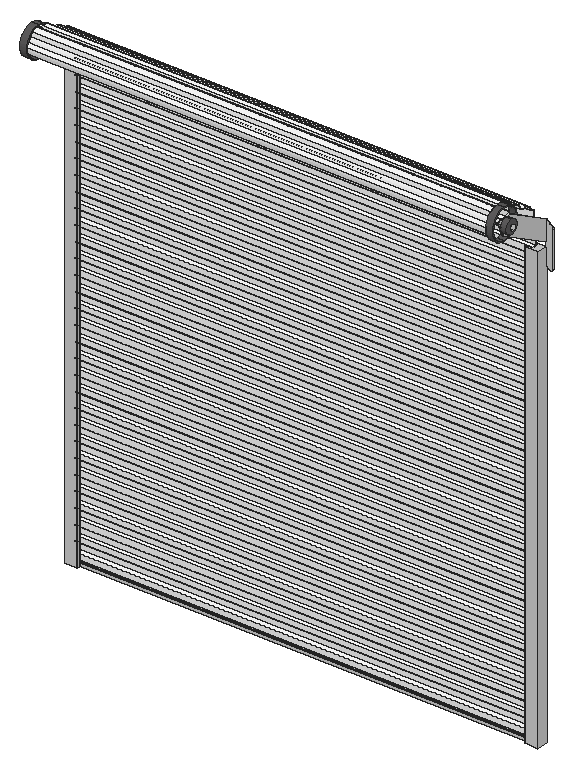
Revit family "Doors_Industrial_Overhead-Door-Corporation_ProStar-Rolling-Steel-Sheet-Doors-770SS_", category Specialty Equipment, host Wall, Revit 2019
Family settings
  Host = Wall
  Round Connector Dimension = Use Diameter
  Part Type = Normal
  OmniClass Number = 23.30.10.21.34
  OmniClass Title = Industrial Doors
  Always vertical = Yes
  Cut with Voids When Loaded = No
  Shared = No
  Room Calculation Point = No
Parameters (values of type "Manual push-up")
  True Opening Width [instance] = Clear Width  # 100"
  True Opening Height [instance] = Clear Height  # 100"
  Slat Height = 3 91/256" * 3  # 10 17/256"
  Product Page URL = "https://www.overheaddoor.com/rolling-steel-sheet-doors-770ss"
  Slat Length [instance] = [Opening Width (Real)] + 1/4" * 2 + 1 77/256" * 2  # 103 13/128"
  Opening Width [instance] = 100"
  Opening Height [instance] = 100"
  Min Opening Width [instance] = 36"  # constant formula
  Min Opening Height [instance] = 84"  # constant formula
  Max Opening Width [instance] = 120"  # constant formula
  Max Opening Height [instance] = 120"  # constant formula
  Headroom Height [instance] = 13"  # constant formula
  Opening Width (Real) [instance] = if(Opening Width < Min Opening Width, Min Opening Width, if(Opening Width > Max Opening Width, Max Opening Width, Opening Width))  # 100"
  Opening Height (Real) [instance] = if(Opening Height < Min Opening Height, Min Opening Height, if(Opening Height > Max Opening Height, Max Opening Height, Opening Height))  # 100"
  URL = "https://www.overheaddoor.com/"
  Product data url = "https://www.bimobject.com/overhead-door/product/rolling-steel-sheet-doors-770ss"
  Product Guid = "baa10993-ca86-4fcb-93c5-7650eb106bfa"
  Model = "770SS"  # constant formula
  Manufacturer = "Overhead Door Corporation"  # constant formula
  Wall Closure = By host
  Floor To (CL) of Shaft [instance] = [Opening Height (Real)] + 9 149/256"  # 109 149/256"
  Finish Material = Metal - Overhead Door - Galvanized Steel
  Description = "MODEL 770SS SELF-STORAGE ROLLING SHEET DOOR"  # constant formula
  Curtain Material [instance] = Steel - Overhead Door - White
  Connection Offset [instance] = [Floor To (CL) of Shaft] - Array Length - 1 3/16" + 1/256"  # 7 47/64"
  Clear Width [instance] = [Opening Width (Real)]  # 100"
  Clear Height [instance] = [Opening Height (Real)]  # 100"
  Backroom Depth [instance] = 15"  # constant formula
  Array Length [instance] = (Array) * Slat Height  # 100 85/128"
  Array [instance] = rounddown(([Opening Height (Real)] - 1 3/16" + 7 113/256") / Slat Height)  # 10
Reference planes (in)
  plane 1 "Center (Front/Back)": y = 0
  plane 2 "Center (Left/Right)": x = 0
  plane 3 "Left": x = -50
  plane 4 "Right": x = 50
  plane 5 "Exterior": y = 1.5
  plane 6 "Interior": y = -4.5
  plane 7: x = 50
  plane 8: x = -50
  plane 9: z = 100
  plane 10 "Top": z = 113
  plane 11 "Main": y = -5.75
  plane 12: y = -19.5
  plane 13 "Main Door Block": y = -4.5
  plane 14: z = 47.47
  plane 15 "Bottom Bar": z = 1.1875
  plane 16: x = 52.5
  plane 17: x = -52.5
  plane 18: y = -5.253
  plane 19: y = -6.048
  plane 20: z = 101.85156
  plane 21: z = 109.58203
  plane 22: z = 11.25391
Lines and regions (in)
  Opening 1
    outline origin (-90, -4.5, 0) x (1, 0, 0) y (0, 0, 1)
      loop
        line (40, 0) -> (140, 0) -> (140, 100) -> (40, 100) -> (40, 0)
Text (in)
  text "Exterior" at (-74.96733, 27.31104, 0), in view "Ref. Level"
  text "Interior" at (-74.96733, -25.14366, 0), in view "Ref. Level"
  text "Exterior" at (0, 40.15149, 123.01588), in view "Right"
  text "Interior" at (0, -64.39139, 123.01588), in view "Right"
  text "Interior" at (0, -31.01599, 123.00693), in view "Left"
  text "Exterior" at (0, 54.57065, 123.00693), in view "Left"
Dimensions and locks (in)
  equal spacing: plane 3 "Left", plane 2 "Center (Left/Right)", plane 4 "Right"
  level to host wall = 459.59655"
  "Opening Height (Real)": level to plane 9
  plane 8 to plane 2 "Center (Left/Right)" to plane 7 = 50", 50"
  "Headroom Height": plane 9 to plane 10 "Top"
  locked: plane 13 "Main Door Block" to plane 11 "Main" at 1.25
  locked: plane 1 "Center (Front/Back)" to plane 6 "Interior" at 4.5
  locked: plane 8 to plane 17 at 2.5
  locked: plane 16 to plane 7 at 2.5
  locked: plane 5 "Exterior" to plane 1 "Center (Front/Back)" at 1.5
  equal spacing: plane 7, plane 2 "Center (Left/Right)", plane 8
  locked: plane 18 to plane 11 "Main" at 0.497
  "Opening Width (Real)": plane 7 to plane 8
  "Backroom Depth": plane 12 to plane 6 "Interior"
  locked: plane 11 "Main" to plane 19 at 0.298
  plane 19 to plane 11 "Main" = 0.298"
  locked: plane 15 "Bottom Bar" to level at 1.1875
  "Array Length": plane 20 to plane 15 "Bottom Bar"
  nested 1 to nested 1 = 0.937"
  "Floor To (CL) of Shaft": plane 21 to level
  locked: plane 12 to nested 3 at 3.418
  "Slat Height": plane 22 to plane 15 "Bottom Bar"
  equal spacing: group 1, group 2, group 3, group 4, group 5, group 6, group 7, group 8, group 9, group 10  (x3)
  aligned and locked: Opening 1 sketch curve to level
  aligned and locked: plane 5 "Exterior" to host wall
  aligned and locked: host wall to plane 6 "Interior"
  aligned and locked: plane 8 to Opening 1 sketch curve
  aligned and locked: plane 7 to Opening 1 sketch curve
  aligned and locked: Opening 1 sketch curve to plane 9
  aligned and locked: nested 1 to plane 6 "Interior"
  aligned and locked: nested 1 to plane 2 "Center (Left/Right)"
  aligned and locked: level to nested 1
  aligned and locked: plane 13 "Main Door Block" to plane 6 "Interior"
  aligned and locked: plane 21 to nested 3
  aligned and locked: plane 2 "Center (Left/Right)" to nested 3
  aligned and locked: plane 15 "Bottom Bar" to nested 2
  aligned and locked: plane 22 to nested 4
  aligned and locked: plane 19 to nested 2
  aligned and locked: plane 19 to nested 4
  aligned and locked: plane 2 "Center (Left/Right)" to nested 2
  aligned and locked: plane 2 "Center (Left/Right)" to nested 4
Nested families (in)
  nested 1: "Lifts" at (0, -4.5, 0) x (-1, 0, 0) z (0, 0, 1), Floor To (CL) of Shaft <- "Floor To (CL) of Shaft", type "Frame Unit"
    with Floor To (CL) of Shaft 109 149/256"
  nested 2: "Slat" at (0, -6.048, 1.1875), type "Slat"
  nested 3: "Top Slat" at (0, -16.082, 109.58203), type "Top Slat"
  nested 4: "Slat" at (0, -6.048, 11.25391), type "Slat"
  nested 5: "Slat" at (0, -6.048, 21.32031), type "Slat"
  nested 6: "Slat" at (0, -6.048, 31.38672), type "Slat"
  nested 7: "Slat" at (0, -6.048, 41.45313), type "Slat"
  nested 8: "Slat" at (0, -6.048, 51.51953), type "Slat"
  nested 9: "Slat" at (0, -6.048, 61.58594), type "Slat"
  nested 10: "Slat" at (0, -6.048, 71.65234), type "Slat"
  nested 11: "Slat" at (0, -6.048, 81.71875), type "Slat"
  nested 12: "Slat" at (0, -6.048, 91.78516), type "Slat"
Definition of nested family "Lifts"
  Parameters (values of type "Frame Unit")
    Steel Support Outter Radius = 2.82"  # constant formula
    Steel Support Inner Radius = 2 3/4"  # constant formula
    Shaft Radius = 0.563"  # constant formula
    Shaft Material = none
    Setback = 1/4"  # constant formula
    Right Shaft Offset = 5"
    Resin Stopper Radius = 1 1/2"  # constant formula
    Resin Muft Outter Diameter = 3.417"  # constant formula
    Resin Muft Inner Diameter = 3.347"  # constant formula
    Resin Elements Material = none
    Opening Width = 100"
    Left Shaft Offset = 5"
    J Offset = 11.582"  # constant formula
    Headroom Height = 13"
    Header Width = 15"
    Guide Width R Real = Guid Width + Setback  # 3 1/4"
    Guide Width L Real = Guid Width + Setback  # 3 1/4"
    Guid Width = 3"
    Opening Height = 100"
    Floor To (CL) of Shaft [instance] = 107.54"
    Finish Material = none
    Analytic Construction = "<None>"
  Reference planes (in)
    plane 1 "Center (Front/Back)": y = 0
    plane 2: z = 0
    plane 3 "Center (Left/Right)": x = 0
    plane 4 "Left": x = -50
    plane 5 "Right": x = 50
    plane 6 "Opening Height": z = 100
    plane 7: x = -55
    plane 8: x = 55
    plane 9: z = 113
    plane 10: y = 15
    plane 11: x = -25
    plane 12: x = 25
    plane 13: z = 107.54
    plane 14: y = 11.582
    plane 15: x = -51.55
    plane 16: x = 51.55
    plane 17: x = 53.25
    plane 18: x = -53.25
  Forms (in)
    Extrusion 1, solid, material <- "Finish Material"
      sketch origin (0, 0, 0) x (1, 0, 0) y (0, 1, 0)
        loop
          line (-53.25, 0) -> (-50.375, 0)
          arc (-50.375, 0) -> (-50.28661, 0.03661) -> (-50.25, 0.125) r 0.125
          line (-50.25, 0.125) -> (-50.25, 0.625)
          arc (-50.25, 0.625) -> (-50.26831, 0.66919) -> (-50.3125, 0.6875) r 0.0625
          line (-50.3125, 0.6875) -> (-51.55, 0.6875) -> (-51.55, 1.78125) -> (-50.325, 1.78125)
          arc (-50.325, 1.78125) -> (-50.27197, 1.80322) -> (-50.25, 1.85625) r 0.075
          line (-50.25, 1.85625) -> (-50.25, 2.21875)
          arc (-50.25, 2.21875) -> (-50.28661, 2.30714) -> (-50.375, 2.34375) r 0.125
          line (-50.375, 2.34375) -> (-53.25, 2.34375) -> (-53.25, 0)
        loop
          line (53.25, 0) -> (53.25, 2.34375) -> (50.3625, 2.34375)
          arc (50.3625, 2.34375) -> (50.28295, 2.3108) -> (50.25, 2.23125) r 0.1125
          line (50.25, 2.23125) -> (50.25, 1.85625)
          arc (50.25, 1.85625) -> (50.27197, 1.80322) -> (50.325, 1.78125) r 0.075
          line (50.325, 1.78125) -> (51.55, 1.78125) -> (51.55, 0.6875) -> (50.3125, 0.6875)
          arc (50.3125, 0.6875) -> (50.26831, 0.66919) -> (50.25, 0.625) r 0.0625
          line (50.25, 0.625) -> (50.25, 0.125)
          arc (50.25, 0.125) -> (50.28661, 0.03661) -> (50.375, 0) r 0.125
          line (50.375, 0) -> (53.25, 0)
      from 100 to 0
    Extrusion 2, solid, material <- "Finish Material"
      sketch origin (0, 0, 0) x (0, 1, 0) y (0, 0, 1)
        loop
          line (2.0625, 1) -> (2.0625, 1.1875) -> (1.45087, 1.1875) -> (1.45087, 2.125) -> (-0.15187, 2.125) -> (-0.3125, 1.96437) -> (-0.3125, 1.34813) -> (-0.15187, 1.1875) -> (0, 1.1875) -> (0, 1) -> (2.0625, 1)
      from -51.55 to 51.55
    Extrusion 3, solid, material <- "Finish Material"
      sketch origin (0, 0, 0) x (0, 1, 0) y (0, 0, 1)
        loop
          line (0.73437, 1) -> (0.73437, 0) -> (1.73437, 0) -> (1.73437, 1) -> (0.73437, 1)
      from -51.55 to 51.55
    Extrusion 4, solid, material <- "Shaft Material"
      sketch origin (0, 0, 0) x (0, 1, 0) y (0, 0, 1)
        loop
          circle (11.582, 107.54) r 0.563
      from -55 to 55
    Extrusion 5, solid, material <- "Finish Material"
      sketch origin (-53.25, 0, 100) x (0, 0, 1) y (-1, 0, 0)
        loop
          line (-3.60557, -106.5) -> (-4.29837, -107.29697)
          arc (-4.29837, -107.29697) -> (-4.37599, -107.83235) -> (-3.92101, -108.125) r 0.5
          line (-3.92101, -108.125) -> (4.09522, -108.125)
          arc (4.09522, -108.125) -> (4.31048, -108.07629) -> (4.4838, -107.93966) r 0.5
          line (4.4838, -107.93966) -> (5.54434, -106.63) -> (5.54434, -106.5) -> (-3.60557, -106.5)
        loop
          line (-3.60557, 0) -> (5.54434, 0) -> (5.54434, 0.13) -> (4.4838, 1.43966)
          arc (4.4838, 1.43966) -> (4.31048, 1.57629) -> (4.09522, 1.625) r 0.5
          line (4.09522, 1.625) -> (-3.92101, 1.625)
          arc (-3.92101, 1.625) -> (-4.37599, 1.33235) -> (-4.29837, 0.79697) r 0.5
          line (-4.29837, 0.79697) -> (-3.60557, 0)
      from 0 to -0.13
    Extrusion 6, solid, material <- "Finish Material"
      sketch origin (-53.25, 0, 100) x (0, 0, 1) y (0, -1, 0)
        loop
          line (11.28691, -10.43366) -> (5.56096, 0) -> (0.89273, 0) -> (7.69922, -12.40258) -> (10.6357, -13.50019) -> (11.28691, -10.43366)
      from 0 to 0.13
    Extrusion 7, solid, material <- "Finish Material"
      sketch origin (53.25, 0, 100) x (0, 0, 1) y (0, -1, 0)
        loop
          line (11.28691, -10.43366) -> (5.56096, 0) -> (0.89273, 0) -> (7.69922, -12.40258) -> (10.6357, -13.50019) -> (11.28691, -10.43366)
      from 0 to -0.13
    Extrusion 8, solid, material <- "Resin Elements Material"
      sketch origin (-53.25, 0, 100) x (0, 0, 1) y (0, -1, 0)
        loop
          circle (7.54, -11.582) r 1.5
      from -1.375 to 0
    Extrusion 9, solid, material <- "Resin Elements Material"
      sketch origin (53.25, 0, 100) x (0, 0, 1) y (0, -1, 0)
        loop
          circle (7.54, -11.582) r 1.5
      from 0.937 to 0
    Extrusion 10, void
      sketch origin (0, 0, 0) x (1, 0, 0) y (0, 1, 0)
        loop
          line (50, -0.3125) -> (51.55, -0.3125) -> (51.55, 0.125) -> (50, 0.125) -> (50, -0.3125)
        loop
          line (-50, -0.3125) -> (-50, 0.125) -> (-51.55, 0.125) -> (-51.55, -0.3125) -> (-50, -0.3125)
      from 0 to 2.125
    Extrusion 11, solid, material <- "Resin Elements Material"
      sketch origin (53.25, 0, 100) x (0, 0, 1) y (0, -1, 0)
        loop
          circle (7.54, -11.582) r 3.417
        loop
          circle (7.54, -11.582) r 3.347
      from -1.7 to -0.13
    Extrusion 12, solid, material <- "Resin Elements Material"
      sketch origin (-53.25, 0, 100) x (0, 0, 1) y (0, -1, 0)
        loop
          circle (7.54, -11.582) r 3.417
        loop
          circle (7.54, -11.582) r 3.347
      from 1.7 to 0.13
    Extrusion 13, solid, material <- "Shaft Material"
      sketch origin (25, -180, 76.25522) x (0, 0, 1) y (0, -1, 0)
        loop
          line (31.28478, -188.832) -> (31.28478, -188.762)
          arc (31.28478, -188.762) -> (28.46478, -191.582) -> (31.28478, -194.402) r 2.82
          line (31.28478, -194.402) -> (31.28478, -194.332)
          arc (31.28478, -194.332) -> (28.53478, -191.582) -> (31.28478, -188.832) r 2.75
      from -0.753 to 0.753
    Extrusion 14, solid, material <- "Shaft Material"
      sketch origin (0, 0, 0) x (0, 1, 0) y (0, 0, 1)
        loop
          line (8.832, 107.54) -> (8.762, 107.54)
          arc (8.762, 107.54) -> (11.582, 104.72) -> (14.402, 107.54) r 2.82
          line (14.402, 107.54) -> (14.332, 107.54)
          arc (14.332, 107.54) -> (11.582, 104.79) -> (8.832, 107.54) r 2.75
      from -0.753 to 0.753
    Extrusion 15, solid, material <- "Shaft Material"
      sketch origin (-25, -180, -24) x (0, 0, -1) y (0, -1, 0)
        loop
          arc (-131.54, -188.832) -> (-128.79, -191.582) -> (-131.54, -194.332) r 2.75
          line (-131.54, -194.332) -> (-131.54, -194.402)
          arc (-131.54, -194.402) -> (-128.72, -191.582) -> (-131.54, -188.762) r 2.82
          line (-131.54, -188.762) -> (-131.54, -188.832)
      from -0.753 to 0.753
  Cuts and joins
    joined: Extrusion 5, Extrusion 6, Extrusion 7
    Extrusion 10 cuts Extrusion 2
  Lines and regions (in)
    Masking region 1
      outline origin (0, 0, 0) x (1, 0, 0) y (0, 1, 0)
        loop
          line (-54.625, 13.082) -> (-54.625, 10.082) -> (-53.25, 10.082) -> (-53.25, 13.082) -> (-54.625, 13.082)
        loop
          line (-51.55, 8.165) -> (-51.55, 14.999) -> (-53.12, 14.999) -> (-53.12, 8.165) -> (-51.55, 8.165)
        loop
          line (51.55, 14.999) -> (51.55, 8.165) -> (53.12, 8.165) -> (53.12, 14.999) -> (51.55, 14.999)
        loop
          line (54.187, 10.082) -> (54.187, 13.082) -> (53.25, 13.082) -> (53.25, 10.082) -> (54.187, 10.082)
    Masking region 2
      outline origin (0, 0, 0) x (1, 0, 0) y (0, 1, 0)
        loop
          line (-53.25, 13.50019) -> (-53.25, 0.13) -> (-54.875, 0.13) -> (-54.875, 0) -> (-53.12, 0) -> (-53.12, 13.50019) -> (-53.25, 13.50019)
        loop
          line (53.25, 0.13) -> (53.25, 13.50019) -> (53.12, 13.50019) -> (53.12, 0) -> (54.875, 0) -> (54.875, 0.13) -> (53.25, 0.13)
        loop
          line (-55, 12.145) -> (-55, 11.019) -> (-54.625, 11.019) -> (-54.625, 12.145) -> (-55, 12.145)
        loop
          line (55, 11.019) -> (55, 12.145) -> (54.187, 12.145) -> (54.187, 11.019) -> (55, 11.019)
    Masking region 3
      outline origin (0, 0, 0) x (1, 0, 0) y (0, 1, 0)
        loop
          line (-51.55, 2.34375) -> (-53.25, 2.34375) -> (-53.25, 0) -> (-51.55, 0) -> (-51.55, 2.34375)
        loop
          line (51.55, 2.34375) -> (51.55, 0) -> (53.25, 0) -> (53.25, 2.34375) -> (51.55, 2.34375)
    reference lines
      curve 1: line (53.25, 0, 100) -> (53.25, 0, 109.583)
      curve 2: line (-53.25, 0, 100) -> (-53.25, 0, 109.583)
  Dimensions and locks (in)
    equal spacing: plane 4 "Left", plane 3 "Center (Left/Right)", plane 5 "Right"
    "Opening Width": plane 4 "Left" to plane 5 "Right"
    "Opening Height": plane 6 "Opening Height" to level
    "Guide Width L Real": Extrusion 1 sketch curve to plane 4 "Left"
    locked: Extrusion 1 sketch curve to Extrusion 1 sketch curve at 2.34375
    "Headroom Height": plane 9 to plane 6 "Opening Height"
    plane 10 to plane 1 "Center (Front/Back)" = 15"
    "Header Width": plane 10 to plane 1 "Center (Front/Back)"
    locked: Extrusion 1 sketch curve to Extrusion 1 sketch curve at 0.5625
    locked: Extrusion 1 sketch curve to Extrusion 1 sketch curve at 0.6875
    locked: Extrusion 3 sketch curve to level at 1
    locked: Extrusion 2 sketch curve to level at 2.125
    locked: Extrusion 2 sketch curve to level at 1.1875
    locked: Extrusion 2 sketch curve to Extrusion 2 sketch curve at 1.125
    locked: Extrusion 2 sketch curve to Extrusion 2 sketch curve at 0.16063  (x2)
    locked: Extrusion 10 sketch curve to plane 1 "Center (Front/Back)" at 0.3125  (x2)
    locked: plane 1 "Center (Front/Back)" to Extrusion 10 sketch curve at 0.125
    equal spacing: plane 4 "Left", plane 11, plane 3 "Center (Left/Right)"
    equal spacing: plane 5 "Right", plane 12, plane 3 "Center (Left/Right)"
    "Floor To (CL) of Shaft": plane 13 to plane 2
    "J Offset": plane 14 to plane 1 "Center (Front/Back)"
    locked: curve 1 to curve 1 at 9.583
    locked: curve 2 to curve 2 at 9.583
    "Setback": Extrusion 1 sketch curve to plane 4 "Left"
    locked: Extrusion 1 sketch curve to Extrusion 1 sketch curve at 1.3  (x2)
    "Setback": plane 5 "Right" to Extrusion 1 sketch curve
    "Guide Width R Real": plane 5 "Right" to Extrusion 1 sketch curve
    locked: plane 15 to plane 4 "Left" at 1.55
    locked: plane 5 "Right" to plane 16 at 1.55
    "Guide Width R Real": plane 5 "Right" to plane 17
    "Guide Width L Real": plane 18 to plane 4 "Left"
    "Left Shaft Offset": plane 7 to plane 4 "Left"
    "Right Shaft Offset": plane 5 "Right" to plane 8
    equal spacing: Masking region 1 sketch curve, plane 14, Masking region 1 sketch curve  (x2)
    "Resin Stopper Radius": plane 14 to Masking region 1 sketch curve
    "Resin Muft Outter Diameter": Masking region 1 sketch curve to plane 14
    locked: Masking region 2 sketch curve to plane 18 at 1.625
    locked: plane 17 to Masking region 2 sketch curve at 1.625
    equal spacing: Masking region 2 sketch curve, plane 14, Masking region 2 sketch curve  (x2)
    "Shaft Radius": plane 14 to Masking region 2 sketch curve
    "Shaft Radius": Masking region 2 sketch curve to plane 14
    locked: plane 1 "Center (Front/Back)" to Extrusion 3 sketch curve at 0.73437
    locked: Extrusion 3 sketch curve to Extrusion 3 sketch curve at 1
    radius of Extrusion 1 sketch curve = 1/16"  (x2)
    radius of Extrusion 1 sketch curve = 1/8"  (x3)
    radius of Extrusion 1 sketch curve = 0.075"  (x2)
    radius of Extrusion 1 sketch curve = 0.1125"
    "Shaft Radius": radius of Extrusion 4 sketch curve
    radius of Extrusion 5 sketch curve = 1/2"  (x4)
    "Resin Muft Inner Diameter": radius of Extrusion 11 sketch curve
    "Resin Muft Outter Diameter": radius of Extrusion 11 sketch curve
    "Resin Muft Inner Diameter": radius of Extrusion 12 sketch curve
    "Resin Muft Outter Diameter": radius of Extrusion 12 sketch curve
    "Resin Stopper Radius": radius of Extrusion 8 sketch curve
    "Resin Stopper Radius": radius of Extrusion 9 sketch curve
    "Steel Support Inner Radius": radius of Extrusion 13 sketch curve
    "Steel Support Outter Radius": radius of Extrusion 13 sketch curve
    "Steel Support Outter Radius": radius of Extrusion 14 sketch curve
    "Steel Support Inner Radius": radius of Extrusion 14 sketch curve
    "Steel Support Inner Radius": radius of Extrusion 15 sketch curve
    "Steel Support Outter Radius": radius of Extrusion 15 sketch curve
    locked: Extrusion 5 sketch curve to Extrusion 5 sketch curve (angle 129.00°)  (x2)
    locked: Extrusion 5 sketch curve to Extrusion 5 sketch curve (angle 131.00°)
    aligned and locked: plane 2 to level
    aligned and locked: plane 1 "Center (Front/Back)" to Extrusion 1 sketch curve
    aligned and locked: Extrusion 1 sketch curve to plane 1 "Center (Front/Back)"
    aligned and locked: Extrusion 1 sketch curve to Extrusion 1 sketch curve  (x5)
    aligned and locked: plane 7 to Extrusion 4
    aligned and locked: Extrusion 4 to plane 8
    aligned and locked: plane 6 "Opening Height" to Extrusion 1
    aligned and locked: Extrusion 3 sketch curve to level
    aligned and locked: Extrusion 2 sketch curve to Extrusion 2 sketch curve
    aligned and locked: Extrusion 10 sketch curve to plane 5 "Right"
    aligned and locked: Extrusion 10 sketch curve to plane 4 "Left"
    aligned and locked: Extrusion 10 sketch curve to Extrusion 10 sketch curve
    aligned and locked: Extrusion 13 sketch curve to Extrusion 13 sketch curve  (x2)
    aligned and locked: Extrusion 15 sketch curve to Extrusion 15 sketch curve  (x2)
    aligned and locked: Extrusion 14 sketch curve to Extrusion 14 sketch curve  (x2)
    aligned and locked: plane 13 to Extrusion 4 sketch curve
    aligned and locked: plane 14 to Extrusion 4 sketch curve
    aligned and locked: plane 14 to Extrusion 8 sketch curve
    aligned and locked: plane 13 to Extrusion 8 sketch curve
    aligned and locked: plane 14 to Extrusion 9 sketch curve
    aligned and locked: plane 13 to Extrusion 9 sketch curve
    aligned and locked: plane 14 to Extrusion 11 sketch curve  (x2)
    aligned and locked: plane 13 to Extrusion 11 sketch curve  (x2)
    aligned and locked: plane 14 to Extrusion 12 sketch curve  (x2)
    aligned and locked: plane 13 to Extrusion 12 sketch curve
    aligned and locked: plane 14 to Extrusion 13 sketch curve  (x2)
    aligned and locked: plane 13 to Extrusion 13 sketch curve  (x2)
    aligned and locked: plane 14 to Extrusion 14 sketch curve  (x2)
    aligned and locked: plane 13 to Extrusion 14 sketch curve  (x2)
    aligned and locked: plane 14 to Extrusion 15 sketch curve  (x2)
    aligned and locked: plane 13 to Extrusion 15 sketch curve  (x2)
    aligned and locked: plane 6 "Opening Height" to curve 1
    aligned and locked: plane 6 "Opening Height" to curve 2
    aligned and locked: Extrusion 10 sketch curve to plane 15
    aligned and locked: plane 15 to Extrusion 3
    aligned and locked: plane 15 to cut or joined group of Extrusion 2, Extrusion 10
    aligned and locked: Extrusion 3 to plane 16
    aligned and locked: cut or joined group of Extrusion 2, Extrusion 10 to plane 16
    aligned and locked: Extrusion 10 sketch curve to plane 16
    aligned and locked: curve 1 to plane 17
    aligned and locked: Extrusion 5 sketch curve to curve 1
    aligned and locked: curve 2 to plane 18
    aligned and locked: Masking region 1 sketch curve to Extrusion 8  (x2)
    aligned and locked: Extrusion 12 to Masking region 1 sketch curve  (x2)
    aligned and locked: Masking region 1 sketch curve to Extrusion 11  (x2)
    aligned and locked: Masking region 1 sketch curve to Extrusion 9  (x2)
    aligned and locked: Masking region 1 sketch curve to Masking region 1 sketch curve  (x4)
    aligned and locked: Masking region 2 sketch curve to cut or joined group of Extrusion 5, Extrusion 6, Extrusion 7  (x7)
    aligned and locked: cut or joined group of Extrusion 5, Extrusion 6, Extrusion 7 to Masking region 2 sketch curve  (x3)
    aligned and locked: Masking region 2 sketch curve to Extrusion 4
    aligned and locked: Extrusion 8 to Masking region 2 sketch curve
    aligned and locked: Masking region 2 sketch curve to plane 8
    aligned and locked: Extrusion 9 to Masking region 2 sketch curve
    aligned and locked: Extrusion 1 to Masking region 3 sketch curve  (x2)
    aligned and locked: Masking region 3 sketch curve to Extrusion 1  (x4)
  Automatic sketch dimensions
    Extrusion 2 sketch curve to plane 1 "Center (Front/Back)" = 0"
    plane 1 "Center (Front/Back)" to Extrusion 2 sketch curve = 0.15187"  (x2)
    Extrusion 2 sketch curve to Extrusion 2 sketch curve = 0.16063"
    Extrusion 2 sketch curve to Extrusion 2 sketch curve = 0.61162"
    Extrusion 2 sketch curve to plane 1 "Center (Front/Back)" = 1.45088"
    Extrusion 7 sketch curve to curve 1 = 0"
    curve 1 to Extrusion 7 sketch curve = 0.89273"
    Extrusion 7 sketch curve to curve 1 = 4.02204"
    Extrusion 7 sketch curve to curve 1 = 1.88378"
    curve 1 to Extrusion 7 sketch curve = 1.0527"
    curve 1 to Extrusion 7 sketch curve = 1.70391"
    Extrusion 7 sketch curve to curve 1 = 10.43366"
    Extrusion 7 sketch curve to curve 1 = 12.40258"
    Extrusion 7 sketch curve to curve 1 = 13.50019"
    curve 2 to Extrusion 5 sketch curve = 0"
    Extrusion 5 sketch curve to curve 2 = 4.29837"  (x2)
    Extrusion 5 sketch curve to curve 2 = 0.79697"
    Extrusion 5 sketch curve to Extrusion 5 sketch curve = 0.37735"
    Extrusion 5 sketch curve to Extrusion 5 sketch curve = 0.6928"
    curve 2 to Extrusion 5 sketch curve = 4.09522"  (x2)
    Extrusion 5 sketch curve to curve 2 = 0.13"
    Extrusion 5 sketch curve to Extrusion 5 sketch curve = 1.06054"
    Extrusion 6 sketch curve to curve 2 = 0"
    curve 2 to Extrusion 6 sketch curve = 0.89273"
    Extrusion 6 sketch curve to curve 2 = 4.02204"
    Extrusion 6 sketch curve to curve 2 = 1.88378"
    curve 2 to Extrusion 6 sketch curve = 1.0527"
    curve 2 to Extrusion 6 sketch curve = 1.70391"
    Extrusion 6 sketch curve to curve 2 = 10.43366"
    Extrusion 6 sketch curve to curve 2 = 12.40258"
    Extrusion 6 sketch curve to curve 2 = 13.50019"
    Masking region 3 sketch curve to Masking region 3 sketch curve = 2 11/32"
    plane 1 "Center (Front/Back)" to Masking region 3 sketch curve = 0"
    Extrusion 12 sketch curve to Extrusion 12 sketch curve = 0"
Definition of nested family "Slat"
  Parameters (values of type "Slat")
    Slat Height = 3.354" * 3  # 10.062"
    Panel Material = none
    Opening Width = 103 13/128"
    Default Elevation = 48"
  Reference planes (in)
    plane 1 "Center (Front/Back)": y = 0
    plane 2: z = 0
    plane 3 "Center (Left/Right)": x = 0
    plane 4: z = 10.062
    plane 5: x = -51.55078
    plane 6: x = 51.55078
  Forms (in)
    Extrusion 1, solid, material <- "Panel Material"
      sketch origin (0, 0, 0) x (0, 1, 0) y (0, 0, 1)
        loop
          line (0.5962, 1.67027) -> (0.5962, 2.9709) -> (0.04, 3.375) -> (0.04, 4.62025) -> (0.5962, 5.02435) -> (0.5962, 6.32497) -> (0.04, 6.72907) -> (0.04, 7.97432) -> (0.5962, 8.37842) -> (0.5962, 9.67905) -> (0.04, 10.08315) -> (0, 10.06222) -> (0.5562, 9.65812) -> (0.5562, 8.3988) -> (0, 7.9947) -> (0, 6.70815) -> (0.5562, 6.30405) -> (0.5562, 5.04473) -> (0, 4.64063) -> (0, 3.35407) -> (0.5562, 2.94997) -> (0.5562, 1.69065) -> (0, 1.28655) -> (0, 0) -> (0.04, 0) -> (0.04, 1.26617) -> (0.5962, 1.67027)
      from -51.55078 to 51.55078
  Dimensions and locks (in)
    "Slat Height": plane 4 to plane 2
    equal spacing: plane 5, plane 3 "Center (Left/Right)", plane 6
    "Opening Width": plane 5 to plane 6
    aligned and locked: plane 2 to level
    aligned and locked: plane 5 to Extrusion 1
    aligned and locked: plane 6 to Extrusion 1
  Automatic sketch dimensions
    Extrusion 1 sketch curve to plane 1 "Center (Front/Back)" = 0"  (x4)
    Extrusion 1 sketch curve to level = 0"
    Extrusion 1 sketch curve to plane 1 "Center (Front/Back)" = 0.04"  (x3)
    Extrusion 1 sketch curve to Extrusion 1 sketch curve = 0.04"  (x4)
    Extrusion 1 sketch curve to plane 1 "Center (Front/Back)" = 0.5562"  (x3)
    level to Extrusion 1 sketch curve = 1.26617"
    Extrusion 1 sketch curve to Extrusion 1 sketch curve = 0.02038"  (x6)
    Extrusion 1 sketch curve to Extrusion 1 sketch curve = 0.4041"  (x5)
    Extrusion 1 sketch curve to Extrusion 1 sketch curve = 1.25932"  (x2)
    Extrusion 1 sketch curve to Extrusion 1 sketch curve = 0.02093"  (x5)
    Extrusion 1 sketch curve to Extrusion 1 sketch curve = 1.24525"
    Extrusion 1 sketch curve to Extrusion 1 sketch curve = 1.26617"
    Extrusion 1 sketch curve to plane 4 = 0.40388"
    plane 4 to Extrusion 1 sketch curve = 0.00022"
    plane 4 to Extrusion 1 sketch curve = 0.02115"
Definition of nested family "Top Slat"
  Parameters (values of type "Top Slat")
    Slat Height = 3.354"  # constant formula
    Primar Offset = 7 47/64"
    Panel Material = none
    Opening Width = 103 13/128"
    Offset 2 = if(Primar Offset > Slat Height * 2 + 2.175", Slat Height, 0")  # 0"
    Offset 1 = if(Primar Offset > Slat Height + 2.175", Slat Height, 0")  # 3.354"
    Default Elevation = 48"
    2nd Slat = if(Offset 2 = 0", 1 = 2, 1 = 1)  # no
    1st Slat = if(Offset 1 = 0", 1 = 2, 1 = 1)  # yes
  Reference planes (in)
    plane 1 "Center (Front/Back)": y = 0
    plane 2: z = 0
    plane 3 "Center (Left/Right)": x = 0
    plane 4: x = -51.55078
    plane 5: x = 51.55078
  Forms (in)
    Extrusion 1, solid, material <- "Panel Material"
      sketch origin (0, -2.21749, 3.375) x (0, 1, 0) y (0, 0, 1)
        loop
          arc (2.2385, -0.55491) -> (2.90984, -0.64119) -> (3.54127, -0.88496) r 2.82005
          line (3.54127, -0.88496) -> (4.1592, -0.5836) -> (5.2711, -1.17484) -> (5.36676, -1.85566) -> (6.5027, -2.45969) -> (7.12063, -2.15833) -> (8.23253, -2.74957) -> (8.32819, -3.43038) -> (9.46413, -4.03442) -> (10.08206, -3.73305) -> (11.19395, -4.3243) -> (11.28962, -5.00511) -> (12.25127, -5.51647) -> (12.25127, -7.75537) -> (12.32007, -7.75537) -> (12.29127, -7.73445) -> (12.29127, -5.49244) -> (11.32639, -4.97936) -> (11.23073, -4.29855) -> (10.08236, -3.68791) -> (9.46443, -3.98928) -> (8.36496, -3.40464) -> (8.2693, -2.72382) -> (7.12094, -2.11318) -> (6.50301, -2.41455) -> (5.40354, -1.82991) -> (5.30787, -1.1491) -> (4.15951, -0.53846) -> (3.54044, -0.84037)
          arc (3.54044, -0.84037) -> (2.91384, -0.60198) -> (2.24895, -0.51606) r 2.85911
          line (2.24895, -0.51606) -> (1.41069, -0.05371)
          arc (1.41069, -0.05371) -> (0.81102, -0.25989) -> (0.25975, -0.5733) r 3.4177
          line (0.25975, -0.5733) -> (0.10536, -1.44798)
          arc (0.10536, -1.44798) -> (-0.25791, -1.94431) -> (-0.50663, -2.50685) r 2.85911
          line (-0.50663, -2.50685) -> (-1.19337, -3.1553)
          arc (-1.19337, -3.1553) -> (-1.17377, -3.80098) -> (-1.03302, -4.43143) r 3.4177
          line (-1.03302, -4.43143) -> (-0.4347, -4.64297) -> (-0.38486, -4.61914) -> (-1.0029, -4.40098)
          arc (-1.0029, -4.40098) -> (-1.13648, -3.7942) -> (-1.15668, -3.17321) r 3.37872
          line (-1.15668, -3.17321) -> (-0.47282, -2.52867)
          arc (-0.47282, -2.52867) -> (-0.22402, -1.96323) -> (0.14193, -1.46553) r 2.82005
          line (0.14193, -1.46553) -> (0.2957, -0.59436)
          arc (0.2957, -0.59436) -> (0.82717, -0.29423) -> (1.40396, -0.09461) r 3.37872
          line (1.40396, -0.09461) -> (2.2385, -0.55491)
      from -51.55078 to 51.55078
    Extrusion 2, solid, material <- "Panel Material", visible <- "1st Slat"
      sketch origin (0, 0, -7.73438) x (0, 1, 0) y (0, 0, 1)
        loop
          line (10.62998, 1.67027) -> (10.62998, 2.9709) -> (10.07378, 3.375) -> (10.03378, 3.35407) -> (10.58998, 2.94997) -> (10.58998, 1.69065) -> (10.03378, 1.28655) -> (10.03378, 0) -> (10.07378, 0) -> (10.07378, 1.26617) -> (10.62998, 1.67027)
      from -51.55078 to 51.55078
    Extrusion 3, solid, material <- "Panel Material", visible <- "2nd Slat"
      sketch origin (0, 0, -4.38038) x (0, 1, 0) y (0, 0, 1)
        loop
          line (10.62998, 1.67027) -> (10.62998, 2.9709) -> (10.07378, 3.375) -> (10.03378, 3.35407) -> (10.58998, 2.94997) -> (10.58998, 1.69065) -> (10.03378, 1.28655) -> (10.03378, 0) -> (10.07378, 0) -> (10.07378, 1.26617) -> (10.62998, 1.67027)
      from -51.55078 to 51.55078
  Lines and regions (in)
    Masking region 1
      outline origin (0, 0, 0) x (1, 0, 0) y (0, 1, 0)
        loop
          line (-51.55078, -3.41086) -> (51.55078, -3.41086) -> (51.55078, 10.10258) -> (-51.55078, 10.10258) -> (-51.55078, -3.41086)
    Masking region 2
      outline origin (0, 0.0688, 0) x (1, 0, 0) y (0, 1, 0)
        loop
          line (-51.55078, 10.03378) -> (51.55078, 10.03378) -> (51.55078, 11.51459) -> (-51.55078, 11.51459) -> (-51.55078, 10.03378)
    symbolic lines
      curve 1: line (-51.55078, 9.1089, 0) -> (51.55078, 9.1089, 0)
      curve 2: line (-51.55078, 9.01324, 0) -> (51.55078, 9.01324, 0)
      curve 3: line (-51.55078, 7.86487, 0) -> (51.55078, 7.86487, 0)
      curve 4: line (-51.55078, 7.24694, 0) -> (51.55078, 7.24694, 0)
      curve 5: line (-51.55078, 6.14747, 0) -> (51.55078, 6.14747, 0)
      curve 6: line (-51.55078, 6.05181, 0) -> (51.55078, 6.05181, 0)
      curve 7: line (-51.55078, 4.90344, 0) -> (51.55078, 4.90344, 0)
      curve 8: line (-51.55078, 4.28551, 0) -> (51.55078, 4.28551, 0)
      curve 9: line (-51.55078, 3.18604, 0) -> (51.55078, 3.18604, 0)
      curve 10: line (-51.55078, 3.09038, 0) -> (51.55078, 3.09038, 0)
      curve 11: line (-51.55078, 1.94202, 0) -> (51.55078, 1.94202, 0)
      curve 12: line (-51.55078, 1.32295, 0) -> (51.55078, 1.32295, 0)
      curve 13: line (-51.55078, 0.03146, 0) -> (51.55078, 0.03146, 0)
      curve 14: line (-51.55078, -0.8068, 0) -> (51.55078, -0.8068, 0)
      curve 15: line (-51.55078, -1.95774, 0) -> (51.55078, -1.95774, 0)
      curve 16: line (-51.55078, -2.11214, 0) -> (51.55078, -2.11214, 0)
      curve 17: line (-51.55078, -2.72412, 0) -> (51.55078, -2.72412, 0)
    reference lines
      curve 18: line (0, 0, -4.38038) -> (0, 15, -4.38038)
      curve 19: line (0, 0, -4.38038) -> (0, 15, -4.38038)
      curve 20: line (0, 0, -7.73438) -> (0, 15, -7.73438)
  Dimensions and locks (in)
    equal spacing: plane 4, plane 3 "Center (Left/Right)", plane 5
    "Opening Width": plane 4 to plane 5
    locked: Masking region 2 sketch curve to Masking region 2 sketch curve at 1.48081
    locked: curve 18 to curve 18 at 15
    locked: curve 19 to curve 19 at 15
    locked: curve 20 to curve 20 at 15
    "Offset 2": curve 19 to curve 18
    "Offset 1": curve 20 to curve 19
    "Primar Offset": curve 20 to level
    locked: Extrusion 1 sketch curve to Extrusion 1 sketch curve at 0.0688
    radius of Extrusion 1 sketch curve = 2.85911"
    radius of Extrusion 1 sketch curve = 2.82005"
    radius of Extrusion 1 sketch curve = 3.4177"
    radius of Extrusion 1 sketch curve = 3.37872"
    locked: Extrusion 1 sketch curve to Extrusion 1 sketch curve (angle 36.00°)
    aligned and locked: plane 2 to level
    aligned and locked: plane 4 to Extrusion 1
    aligned and locked: plane 5 to Extrusion 1
    aligned and locked: Masking region 1 sketch curve to plane 4
    aligned and locked: plane 5 to Masking region 1 sketch curve
    aligned and locked: Masking region 1 sketch curve to Extrusion 1  (x2)
    aligned and locked: plane 4 to curve 17
    aligned and locked: plane 4 to curve 16
    aligned and locked: plane 4 to curve 15
    aligned and locked: plane 4 to curve 14
    aligned and locked: plane 4 to curve 13
    aligned and locked: plane 4 to curve 12
    aligned and locked: plane 4 to curve 11
    aligned and locked: plane 4 to curve 10
    aligned and locked: plane 4 to curve 9
    aligned and locked: plane 4 to curve 8
    aligned and locked: plane 4 to curve 7
    aligned and locked: plane 4 to curve 6
    aligned and locked: plane 4 to curve 5
    aligned and locked: plane 4 to curve 4
    aligned and locked: plane 4 to curve 3
    aligned and locked: plane 4 to curve 2
    aligned and locked: plane 4 to curve 1
    aligned and locked: plane 5 to curve 17
    aligned and locked: plane 5 to curve 16
    aligned and locked: plane 5 to curve 15
    aligned and locked: plane 5 to curve 14
    aligned and locked: plane 5 to curve 13
    aligned and locked: plane 5 to curve 12
    aligned and locked: plane 5 to curve 11
    aligned and locked: plane 5 to curve 10
    aligned and locked: plane 5 to curve 9
    aligned and locked: plane 5 to curve 8
    aligned and locked: plane 5 to curve 7
    aligned and locked: plane 5 to curve 6
    aligned and locked: plane 5 to curve 5
    aligned and locked: plane 5 to curve 4
    aligned and locked: plane 5 to curve 3
    aligned and locked: plane 5 to curve 2
    aligned and locked: plane 5 to curve 1
    aligned and locked: Masking region 2 sketch curve to plane 4
    aligned and locked: plane 5 to Masking region 2 sketch curve
    aligned and locked: plane 1 "Center (Front/Back)" to curve 18
    aligned and locked: plane 1 "Center (Front/Back)" to curve 19
    aligned and locked: plane 1 "Center (Front/Back)" to curve 20
    aligned and locked: curve 18 to Extrusion 1 sketch curve
    aligned and locked: plane 4 to Extrusion 2
    aligned and locked: plane 5 to Extrusion 2
    aligned and locked: plane 4 to Extrusion 3
    aligned and locked: plane 5 to Extrusion 3
  Automatic sketch dimensions
    plane 1 "Center (Front/Back)" to curve 17 = 2.72412"
    curve 17 to curve 16 = 0.61198"
    curve 16 to curve 15 = 0.1544"
    plane 1 "Center (Front/Back)" to curve 14 = 0.8068"
    curve 13 to plane 1 "Center (Front/Back)" = 0.03146"
    curve 13 to curve 12 = 1.29149"
    curve 12 to curve 11 = 0.61907"
    curve 11 to curve 10 = 1.14837"
    curve 10 to curve 9 = 0.09566"
    curve 9 to curve 8 = 1.09947"
    curve 8 to curve 7 = 0.61793"
    curve 7 to curve 6 = 1.14837"
    curve 6 to curve 5 = 0.09566"
    curve 5 to curve 4 = 1.09947"
    curve 4 to curve 3 = 0.61793"
    curve 3 to curve 2 = 1.14837"
    curve 2 to curve 1 = 0.09566"
    Extrusion 1 sketch curve to Extrusion 1 sketch curve = 0"  (x16)
    Extrusion 1 sketch curve to level = 0"
    Extrusion 1 sketch curve to plane 1 "Center (Front/Back)" = 0"
    plane 1 "Center (Front/Back)" to Extrusion 1 sketch curve = 0.00022"
    Extrusion 1 sketch curve to Extrusion 1 sketch curve = 0.00122"
    plane 1 "Center (Front/Back)" to Extrusion 1 sketch curve = 0.8068"
    Extrusion 1 sketch curve to Extrusion 1 sketch curve = 0.00673"
    Extrusion 1 sketch curve to Extrusion 1 sketch curve = 1.10826"
    Extrusion 1 sketch curve to Extrusion 1 sketch curve = 0.03595"
    Extrusion 1 sketch curve to Extrusion 1 sketch curve = 0.15377"
    level to Extrusion 1 sketch curve = 1.92702"
    Extrusion 1 sketch curve to level = 1.24414"
    plane 1 "Center (Front/Back)" to Extrusion 1 sketch curve = 2.60235"
    Extrusion 1 sketch curve to level = 1.26797"
    Extrusion 1 sketch curve to Extrusion 1 sketch curve = 0.04984"
    level to Extrusion 1 sketch curve = 0.84633"
    Extrusion 1 sketch curve to Extrusion 1 sketch curve = 0.57818"
    level to Extrusion 1 sketch curve = 0.86815"
    Extrusion 1 sketch curve to level = 1.02598"
    Extrusion 1 sketch curve to Extrusion 1 sketch curve = 0.5682"
    Extrusion 1 sketch curve to level = 1.05643"
    Extrusion 1 sketch curve to Extrusion 1 sketch curve = 0.03012"
    level to Extrusion 1 sketch curve = 0.20179"
    Extrusion 1 sketch curve to Extrusion 1 sketch curve = 0.65006"
    level to Extrusion 1 sketch curve = 0.2197"
    Extrusion 1 sketch curve to plane 1 "Center (Front/Back)" = 0.02101"
    Extrusion 1 sketch curve to plane 1 "Center (Front/Back)" = 0.03146"
    Extrusion 1 sketch curve to plane 1 "Center (Front/Back)" = 1.32295"
    Extrusion 1 sketch curve to Extrusion 1 sketch curve = 0.00083"
    Extrusion 1 sketch curve to Extrusion 1 sketch curve = 0.61876"
    Extrusion 1 sketch curve to Extrusion 1 sketch curve = 0.0003"  (x5)
    Extrusion 1 sketch curve to Extrusion 1 sketch curve = 1.1119"  (x3)
    Extrusion 1 sketch curve to Extrusion 1 sketch curve = 0.03677"  (x6)
    level to Extrusion 1 sketch curve = 1.51934"
    Extrusion 1 sketch curve to Extrusion 1 sketch curve = 0.09566"  (x3)
    level to Extrusion 1 sketch curve = 1.54509"
    level to Extrusion 1 sketch curve = 0.91531"
    Extrusion 1 sketch curve to Extrusion 1 sketch curve = 1.09916"  (x2)
    level to Extrusion 1 sketch curve = 0.96045"
    level to Extrusion 1 sketch curve = 1.21667"
    Extrusion 1 sketch curve to Extrusion 1 sketch curve = 0.61763"  (x2)
    level to Extrusion 1 sketch curve = 1.26182"
    level to Extrusion 1 sketch curve = 0.62543"
    level to Extrusion 1 sketch curve = 0.65118"
    Extrusion 1 sketch curve to level = 0.05538"
    Extrusion 1 sketch curve to level = 0.02964"
    Extrusion 1 sketch curve to level = 0.65942"
    Extrusion 1 sketch curve to level = 0.61428"
    Extrusion 1 sketch curve to level = 0.35805"
    Extrusion 1 sketch curve to level = 0.31291"
    Extrusion 1 sketch curve to level = 0.9493"
    Extrusion 1 sketch curve to level = 0.92355"
    Extrusion 1 sketch curve to level = 1.63011"
    Extrusion 1 sketch curve to level = 1.60436"
    Extrusion 1 sketch curve to level = 2.14147"
    Extrusion 1 sketch curve to Extrusion 1 sketch curve = 0.92488"
    Extrusion 1 sketch curve to Extrusion 1 sketch curve = 0.04"
    Extrusion 1 sketch curve to Extrusion 1 sketch curve = 0.02403"
    Extrusion 1 sketch curve to Extrusion 1 sketch curve = 0.65506"
    Extrusion 1 sketch curve to Extrusion 1 sketch curve = 0.02575"
    Extrusion 1 sketch curve to Extrusion 1 sketch curve = 0.28988"
    Extrusion 1 sketch curve to Extrusion 1 sketch curve = 0.04459"
    Extrusion 1 sketch curve to Extrusion 1 sketch curve = 0.25678"
    Extrusion 1 sketch curve to Extrusion 1 sketch curve = 0.02105"
    Extrusion 1 sketch curve to Extrusion 1 sketch curve = 0.04514"
    curve 20 to Extrusion 2 sketch curve = 0"
    Extrusion 2 sketch curve to curve 20 = 4.96622"
    Extrusion 2 sketch curve to Extrusion 2 sketch curve = 0"
    Extrusion 2 sketch curve to Extrusion 2 sketch curve = 0.04"  (x3)
    Extrusion 2 sketch curve to curve 20 = 1.69065"
    Extrusion 2 sketch curve to Extrusion 2 sketch curve = 0.5162"
    Extrusion 2 sketch curve to curve 20 = 1.67027"
    Extrusion 2 sketch curve to Extrusion 2 sketch curve = 0.42448"
    Extrusion 2 sketch curve to Extrusion 2 sketch curve = 0.02038"
    Extrusion 2 sketch curve to Extrusion 2 sketch curve = 1.25932"
    Extrusion 2 sketch curve to Extrusion 2 sketch curve = 0.02093"  (x2)
    Extrusion 2 sketch curve to Extrusion 2 sketch curve = 0.4041"
    Extrusion 3 sketch curve to curve 20 = 4.96622"
    Extrusion 3 sketch curve to Extrusion 3 sketch curve = 0"
    Extrusion 3 sketch curve to Extrusion 3 sketch curve = 0.04"  (x3)
    Extrusion 3 sketch curve to Extrusion 3 sketch curve = 0.5162"
    Extrusion 3 sketch curve to curve 20 = 3.354"
    Extrusion 3 sketch curve to Extrusion 3 sketch curve = 1.26617"
    Extrusion 3 sketch curve to Extrusion 3 sketch curve = 0.02038"  (x2)
    Extrusion 3 sketch curve to Extrusion 3 sketch curve = 0.4041"  (x2)
    Extrusion 3 sketch curve to Extrusion 3 sketch curve = 1.25932"
    Extrusion 3 sketch curve to Extrusion 3 sketch curve = 0.02093"  (x2)
    Masking region 2 sketch curve to plane 1 "Center (Front/Back)" = 10.10258"
